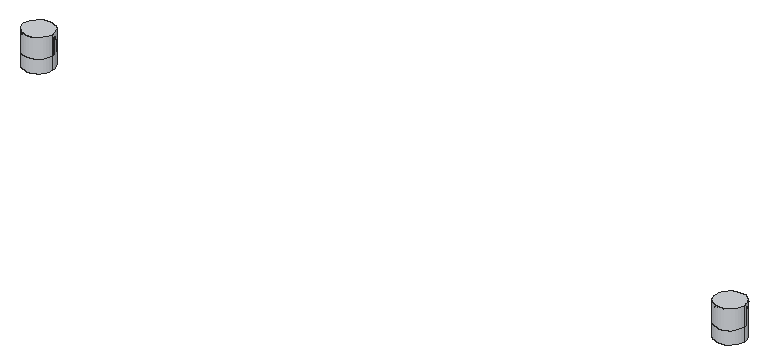
Revit family "QF_BOURGEAT_Transtherm_Four_a_chariot_20GN1_1", category Equipement spécialisé, Revit 2015
Parameters (values of type "891921 + 897500")
  URL catalogue = "http://www.bourgeat.fr/fr/"
  URL = ""
  Type_de_model [instance] = 891921 + 897500 : 891921 + 897500
  Type de Raccord Plomberie = ""
  Type de Raccord Electrique = ""
  Type article = ""
  Tension = 400 V
  Spécification du Fabricant = "TRANS'THERM"
  Remarques Plomberie = "Débit=0.000083L/s"
  Remarques Electricité = ""
  Puissance électrique  = 17100 W
  Profondeur hors tout = 720 mm
  Poids net à vide = 110.00 kg
  Phase = 3
  Nature isolant = "Laine_de_roche(60mm)"
  Modèle = "891921 + 897500"
  Longueur hors tout = 795 mm
  Intensité nominale = 42.75 A
  Indice de protection = "IP25"
  Hauteur hors tout = 1984 mm
  Fréquence = 50 Hz
  Fabricant = "BOURGEAT"
  Débit Eau Adoucie = 0.0 L/s
  Contact_SAV = "0033 (0)4.76.32.14.44"
  Consommation énergétique = "10.56Kwh/h"
  Charge max = 75.00 kg
  Certification = "NF alimentaire"
Types (5, lengths in mm): name | Type_de_model | Modèle
  (no name) | 891921 + 897500 : 891921 + 897500 | "891921 + 897500"
  891921 + 897500 | 891921 + 897500 : 891921 + 897500 | "891921 + 897500"
  891221 | 891221 : 891221 | "891221"
  891221 + 897500 | 891221 + 897500 : 891221 + 897500 | "891221 + 897500"
  891921 | 891921 : 891921 | "891921"
Reference planes
  plane 1 "Centre (avant/arrière)": y = 0
  plane 2: z = 0
  plane 3 "Centre (gauche/droite)": x = 0
Forms (mm)
  Extrusion 1, solid
    sketch origin (0, 0, 0) x (1, 0, 0) y (0, 1, 0)
      loop
        circle (-244.5, -80) r 10
      loop
        circle (244.5, -80) r 10
    from 228.366 to 250
Dimensions and locks
  aligned and locked: level to plane 2
  aligned and locked: plane 1 "Centre (avant/arrière)" to nested 1
Nested families
  nested 1: "891921 + 897500" at (0, 0, 0), type <- "Type_de_model", type "891921 + 897500"
Connectors
  piping at (-244.5, -80, 228.366), diameter 609.6
    settings: on Extrusion 1, index 1, connector inside diameter 609.6 mm, connector length 0 mm, flow factor 0, pipe flow 0.0 L/s, pressure drop 0.0 Pa, fitting loss kfactor 0, connector angle 0.00°, fixture units 0, engagement length 0 mm, angle of deflection 0.00°, flow configuration 0, flow direction 0, fitting loss method 0, system type 7, joint type 0, gender type 0, connector reference index -1, connector utility 0, adjustable connector no, is connector primary yes, connector description ""
  electrical at (244.5, -80, 228.366)
    settings: on Extrusion 1, index 2, voltage 0 V, apparent load 0 VA, apparent load phase1 0 VA, apparent load phase2 0 VA, apparent load phase3 0 VA, power factor 1, load classification "Autre", number of poles 1, system type 30, power factor state 1, is connector primary yes, connector utility no, sub classification motor no, connector description ""
Definition of nested family "891921 + 897500"
  Parameters (values of type "891921 + 897500")
    URL_page_produit = "http://www.bourgeat.fr/.fr/"
    URL_fiche_technique = "à venir"
    URL_SAV = "à venir"
    URL = "http://www.bourgeat.fr/.fr/"
    Type_de_raccordement = ""
    Tension = 400 V
    Puissance_electrique = 17100 W
    Protection_appareil = ""
    Profondeur_hors_tout = 720 mm
    Poids = "110Kg"
    Nombre_pole = 1
    Niveau_sonore = ""
    Nature_isolant = "Laine_de_roche(60mm)"
    Model = "Trans'therm"
    Largeur_hors_tout = 795 mm
    Intensite = Puissance_electrique / Tension  # 42.75 A
    Indice_protection = ""
    Hauteur_hors_tout = 1984 mm
    Frequence = "50/60Hz"
    Manufacturer = "BOURGEAT"
    Contact_SAV = "0033(0)4.76.32.14.44"
    Consommation_energetique = "10.56Kwh"
    Code_article = "891921 + 897500"
    Classe_energetique = ""
    Classe_climatique = ""
    Charge_maximum = "75Kg"
    Certification = "NF alimentaire"
  Reference planes
    plane 1 "Centre (avant/arrière)": y = 0
    plane 2: z = 0
    plane 3 "Centre (gauche/droite)": x = 0
    plane 4: y = -80
    plane 5: x = 244.5
    plane 6: x = -244.5
    plane 7: z = 341
    plane 8: z = 331
    plane 9: x = 0
    plane 10: x = 0
    plane 11: z = 0
  Forms (mm)
    Extrusion 1, solid
      sketch origin (0, 0, 0) x (1, 0, 0) y (0, 1, 0)
        loop
          circle (-244.5, -80) r 10
        loop
          circle (244.5, -80) r 10
      from 237.412 to 251
  Lines and regions (mm)
    symbolic lines
      curve 1: line (-395.71, -717.8, 0) -> (-395.71, -1508.8, 0)
      curve 2: arc (-395.71, -1508.8, 0) -> (163.611, -1277.122, 0) -> (395.29, -717.8, 0) r 791
  Dimensions and locks
    plane 4 to plane 1 "Centre (avant/arrière)" = 80 mm
    equal spacing: plane 6, plane 3 "Centre (gauche/droite)", plane 5, locked at 244.5 each
    locked: plane 6 to plane 5 at 489
    locked: plane 7 to plane 2 at 341
    plane 7 to plane 8 = 10 mm
    plane 10 to import instance = 397 mm
    aligned and locked: level to plane 2
    aligned and locked: plane 4 to Extrusion 1 sketch curve  (x2)
    aligned and locked: plane 6 to Extrusion 1 sketch curve
    aligned and locked: plane 5 to Extrusion 1 sketch curve
    aligned and locked: plane 3 "Centre (gauche/droite)" to plane 9
    aligned and locked: plane 2 to plane 11
    aligned and locked: plane 9 to plane 10
    aligned and locked: import instance to plane 1 "Centre (avant/arrière)"
    aligned and locked: import instance to plane 2
    aligned and locked: Extrusion 1 to import instance
  Automatic sketch dimensions
    plane 6 to curve 2 = 151.21 mm
    curve 2 to plane 4 = 637.8 mm
    plane 5 to curve 2 = 150.79 mm
    curve 1 to curve 2 = 0 mm
    radius of Extrusion 1 sketch curve = 10 mm  (x2)
